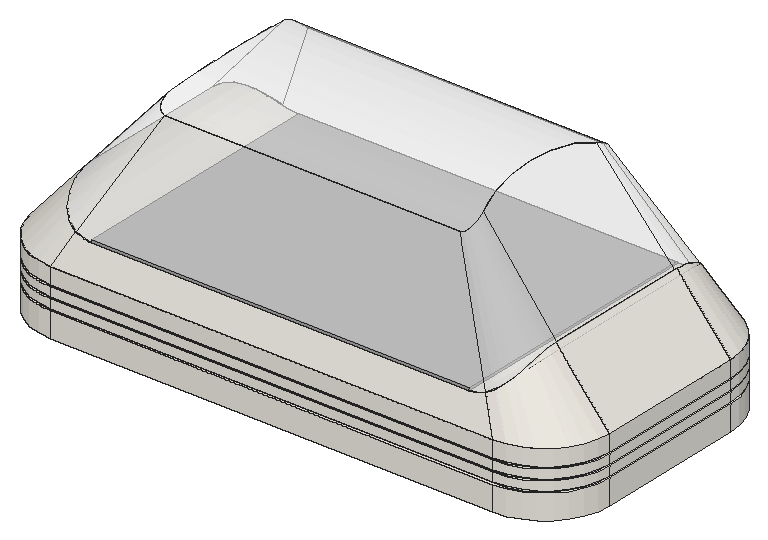
Revit family "Lightronics_LightingFixture_WallAndCeiling_TPS1", category Lighting Fixtures, host Face, Revit 2016
Family settings
  Host = Face
  Part Type = Normal
  Round Connector Dimension = Use Diameter
  OmniClass Number = 23.80.70.00
  OmniClass Title = Lighting
  Cut with Voids When Loaded = No
  Light Source = Yes
  Shared = No
  Room Calculation Point = No
Parameters (values of type "TPS")
  _DistributedBy = "www.bimstore.co.uk"
  _CurrentRevision = 1
  _CreatedBy = "www.bimstore.co.uk"
  _BimSpecGuid = 0
  _BSBibleVersion = 15
  _AuthorizedBy = "Kris Atkinson"
  _Author = "Ryan Wigham"
  Wattage = 9.2903 W
  WarrantyStartDate [instance] = "Please record on commissioning"
  WarrantyGuarantorParts = "info@lightronics.nl"
  WarrantyGuarantorLabor = "info@lightronics.nl"
  WarrantyDurationUnit = "Years"
  WarrantyDurationParts = "5"
  WarrantyDurationLabor = "n/a"
  WarrantyDescription = "n/a"
  built-in parameter 1150110 = 1 (stored number, unit not read)
  Voltage = 230 V
  URL = "https://www.lightronics.nl/en/"
  TypeName = "TPS"
  Type Comments = "Wall and ceiling lighting – Impactproof. Surface-mounted luminaire with a contemporary design"
  built-in parameter 1114217 = 1 (stored number, unit not read)
  Tilt Angle = 90.00°
  built-in parameter 1150109 = 1 (stored number, unit not read)
  built-in parameter 1150134 = 3
  built-in parameter 1150113 = 1 (stored number, unit not read)
  SpareParts = "n/a"
  Size = "130x105x265"
  Shape = "Rectangular"
  SerialNumber [instance] = "Please record on commissioning"
  ReplacementCost = ""
  ReferencedStandard = "n/a"
  ProductionYear = "2018"
  Photometric Web File = "TPS-MP4-16-3-180-D-F-280-230-X-W.ies"
  NumberOfPoles = 1
  NominalLength = Length  # 265 mm
  NominalHeight = Height  # 105 mm
  NominalDepth = Depth  # 130 mm
  NBSReference = "90-60-50/405"
  NBSOfficeMasterTag = "n/a"
  NBSObjectName = "Lightronics -  General purpose luminaires"
  NBSNote = ""
  NBSDescription = "Surface luminaires"
  ModelReference = "IP 65"
  ModelNumber = "TPS"
  Model = "TPS"
  Material_Lens [instance] = Lightronics - Polycarbonate - Lens - Opal
  Material_Housing [instance] = Lightronics - Polycarbonate - RAL 9010 - White
  Material = "Impact proof, flame-retardant, UV-stabilised polycarbonate"
  ManufacturerName = "Lightronics"
  Manufacturer = "Lightronics"
  built-in parameter 1150105 = 109.82 (stored number, unit not read)
  Lumens = 1380 lm
  built-in parameter 1150115 = 1 (stored number, unit not read)
  built-in parameter 1150137 = (empty or 0)
  built-in parameter 1150139 = (empty or 0)
  Length = 265 mm
  built-in parameter 1150112 = 1 (stored number, unit not read)
  built-in parameter 1150114 = 1 (stored number, unit not read)
  Keynote = "V90/510"
  InstallationDate [instance] = "Please record on commissioning"
  built-in parameter 1150132 = (empty or 0)
  built-in parameter 1150102 = (empty or 0)
  built-in parameter 1150107 = 3200 (stored number, unit not read)
  built-in parameter 1150138 = (empty or 0)
  built-in parameter 1150106 = 1.0982 (stored number, unit not read)
  IfcExportType = "IfcLightFixture"
  IfcExportAs = "IfcLightFixtureTypeEnum.POINTSOURCE"
  Height = 105 mm
  Grade = "n/a"
  Finish = "n/a"
  Features = "n/a"
  ExpectedLife = 10
  Emit from Line Length = 200 mm
  built-in parameter 1150104 = 13.8 (stored number, unit not read)
  DurationUnit = "20 Years"
  DocumentationTechnical = "n/a"
  DocumentationMaintenance = "n/a"
  DocumentationLiterature = "https://specifi.bimstore.co.uk/document/share/2439"
  DocumentationInstallationGuide = "n/a"
  DocumentationCertificates = "n/a"
  Dimming Lamp Color Temperature Shift = <None>
  Description = "The TPS trapezoidal surface-mounted luminaire with high light output in a contemporary design. The assembly- and maintenance-friendly TPS luminaire uses the same basic unit as the TPK and the WVK. allowing their spare parts to be seamlessly interchangeable. The TPS is suitable for both continuous and emergency lighting. The impactproof, flame-retardant cover provides safety and vandal-resistance."
  Depth = 130 mm
  Default Elevation = 1219.2 mm
  CreatedOn = "2018-03-06T09:00:00"
  CreatedBy = "info@lightronics.nl"
  Constituents = "n/a"
  Color Filter = 16777215
  Color = "Housing: impactproof, flame-retardent, UV-stabilised polycarbonate in white RAL 9010, black RAL 9005 or anthracite RAL7016. Cover: polycarbonate lens, clear prismatic, opal or frosted"
  CodePerformance = "n/a"
  ClassificationValue = "Pr_70_70_48_85"
  ClassificationName = "Uniclass 2015"
  BarCode [instance] = "Please record on commissioning"
  built-in parameter 1114218 = 1 (stored number, unit not read)
  BIMObjectName = "Lightronics_LightingFixture_WallAndCeiling_TPS"
  built-in parameter 1150133 = 10 (stored number, unit not read)
  AssetType = "Fixed"
  AssetIdentifier [instance] = "Please record on commissioning"
  Assembly Code = "D5020200"
  Apparent Load = 0 VA
  AccessibilityPerformance = "n/a"
Reference planes
  plane 1 "Center (Front/Back)": y = 0
  plane 2: z = 0
  plane 3 "Center (Left/Right)": x = 0
  plane 4: x = -132.5
  plane 5: x = 132.5
  plane 6: y = 65
  plane 7: y = -65
  plane 8: z = 105
  plane 9 "Lens Cover": z = 43
Forms (mm)
  Extrusion 1, solid, material "Lightronics - Polycarbonate - RAL 9010 - White" <- "Material_Housing"
    sketch origin (0, 0, 0) x (1, 0, 0) y (0, 1, 0)
      loop
        arc (-102.5, 65) -> (-123.713, 56.213) -> (-132.5, 35) r 30
        line (-132.5, 35) -> (-132.5, -35)
        arc (-132.5, -35) -> (-123.713, -56.213) -> (-102.5, -65) r 30
        line (-102.5, -65) -> (102.5, -65)
        arc (102.5, -65) -> (123.713, -56.213) -> (132.5, -35) r 30
        line (132.5, -35) -> (132.5, 35)
        arc (132.5, 35) -> (123.713, 56.213) -> (102.5, 65) r 30
        line (102.5, 65) -> (-102.5, 65)
    from 0 to 30
  Blend 2, solid, material "Lightronics - Polycarbonate - RAL 9010 - White" <- "Material_Housing"
    base sketch origin (0, 0, 0) x (1, 0, 0) y (0, 1, 0)
      loop
        arc (-102.5, 65) -> (-123.713, 56.213) -> (-132.5, 35) r 30
        line (-132.5, 35) -> (-132.5, -35)
        arc (-132.5, -35) -> (-123.713, -56.213) -> (-102.5, -65) r 30
        line (-102.5, -65) -> (102.5, -65)
        arc (102.5, -65) -> (123.713, -56.213) -> (132.5, -35) r 30
        line (132.5, -35) -> (132.5, 35)
        arc (132.5, 35) -> (123.713, 56.213) -> (102.5, 65) r 30
        line (102.5, 65) -> (-102.5, 65)
    top sketch origin (0, 0, 0) x (1, 0, 0) y (0, 1, 0)
      loop
        arc (-87.5, 55) -> (-101.642, 49.142) -> (-107.5, 35) r 20
        line (-107.5, 35) -> (-107.5, -35)
        arc (-107.5, -35) -> (-101.642, -49.142) -> (-87.5, -55) r 20
        line (-87.5, -55) -> (87.5, -55)
        arc (87.5, -55) -> (101.642, -49.142) -> (107.5, -35) r 20
        line (107.5, -35) -> (107.5, 35)
        arc (107.5, 35) -> (101.642, 49.142) -> (87.5, 55) r 20
        line (87.5, 55) -> (-87.5, 55)
    from 30 to 59
  Extrusion 3, void
    sketch origin (0, 0, 0) x (1, 0, 0) y (0, 0, 1)
      loop
        line (-87.5, 43) -> (87.5, 43)
        arc (87.5, 43) -> (100.067, 47.792) -> (107.5, 59) r 22.013
        line (107.5, 59) -> (107.5, 89) -> (-107.5, 89) -> (-107.5, 59)
        arc (-107.5, 59) -> (-100.067, 47.792) -> (-87.5, 43) r 22.013
    from -65 to 65
  Sweep 4, void
    path origin (0, 0, 15) x (-1, 0, 0) y (0, -1, 0)
      loop
        line (102.5, 65) -> (-102.5, 65)
        arc (-102.5, 65) -> (-123.713, 56.213) -> (-132.5, 35) r 30
        line (-132.5, 35) -> (-132.5, -35)
        arc (-132.5, -35) -> (-123.713, -56.213) -> (-102.5, -65) r 30
        line (-102.5, -65) -> (102.5, -65)
        arc (102.5, -65) -> (123.713, -56.213) -> (132.5, -35) r 30
        line (132.5, -35) -> (132.5, 35)
        arc (132.5, 35) -> (123.713, 56.213) -> (102.5, 65) r 30
    profile origin (0, -65, 15) x (0, 1, 0) y (0, 0, 1)
      loop
        line (1, 2.5) -> (-4, 2.5) -> (-4, 1.5) -> (1, 1.5) -> (1, 2.5)
      loop
        line (1, -2.5) -> (-4, -2.5) -> (-4, -3.5) -> (1, -3.5) -> (1, -2.5)
      loop
        line (1, 6.5) -> (1, 7.5) -> (-4, 7.5) -> (-4, 6.5) -> (1, 6.5)
  Extrusion 5, solid, material "Glass, White, High Luminance"
    sketch origin (0, 0, 0) x (0, 1, 0) y (0, 0, 1)
      loop
        line (60.268, 43) -> (59.904, 44) -> (-59.904, 44) -> (-60.268, 43) -> (60.268, 43)
    from -87.5 to 87.5
Cuts and joins
  Extrusion 3 cuts Blend 2
  Sweep 4 cuts Extrusion 1
Dimensions and locks
  equal spacing: plane 4, plane 3 "Center (Left/Right)", plane 5
  equal spacing: plane 7, plane 1 "Center (Front/Back)", plane 6
  "Length": plane 4 to plane 5
  "Depth": plane 6 to plane 7
  "Height": plane 8 to level
  aligned and locked: plane 2 to host face
  aligned and locked: level to host face
Automatic sketch dimensions
  host sketch curve to host sketch curve = 2438.4 mm  (x2)
  Extrusion 1 sketch curve to plane 4 = 0 mm
  Extrusion 1 sketch curve to plane 7 = 0 mm
  Extrusion 1 sketch curve to plane 6 = 0 mm
  Extrusion 1 sketch curve to plane 5 = 0 mm
  plane 4 to Extrusion 1 sketch curve = 30 mm  (x2)
  Extrusion 1 sketch curve to Extrusion 1 sketch curve = 30 mm
  Extrusion 1 sketch curve to plane 5 = 30 mm
  Blend 2 sketch curve to plane 4 = 0 mm
  Blend 2 sketch curve to plane 7 = 0 mm
  Blend 2 sketch curve to plane 6 = 0 mm
  Blend 2 sketch curve to plane 5 = 0 mm
  plane 4 to Blend 2 sketch curve = 30 mm  (x2)
  Blend 2 sketch curve to Blend 2 sketch curve = 30 mm
  Blend 2 sketch curve to plane 5 = 30 mm
  plane 7 to Blend 2 sketch curve = 10 mm
  plane 4 to Blend 2 sketch curve = 25 mm
  Blend 2 sketch curve to Blend 2 sketch curve = 20 mm  (x3)
  Blend 2 sketch curve to plane 5 = 45 mm  (x2)
  Blend 2 sketch curve to plane 6 = 10 mm
  Extrusion 3 sketch curve to plane 9 "Lens Cover" = 0 mm
  plane 4 to Extrusion 3 sketch curve = 25 mm
  Extrusion 3 sketch curve to Extrusion 3 sketch curve = 20 mm
  Extrusion 3 sketch curve to Extrusion 3 sketch curve = 21.185 mm  (x2)
  plane 9 "Lens Cover" to Extrusion 3 sketch curve = 21.981 mm
  Extrusion 3 sketch curve to plane 5 = 46.185 mm
  Extrusion 3 sketch curve to Extrusion 3 sketch curve = 1.185 mm
  Extrusion 3 sketch curve to plane 8 = 16 mm
  plane 9 "Lens Cover" to Extrusion 3 sketch curve = 16 mm
  Sweep 4 sketch curve to plane 7 = 0 mm
  Sweep 4 sketch curve to plane 4 = 0 mm
  plane 4 to Sweep 4 sketch curve = 30 mm
  Sweep 4 sketch curve to plane 5 = 30 mm  (x2)
  Sweep 4 sketch curve to plane 6 = 30 mm
  Sweep 4 sketch curve to plane 6 = 0 mm
  Sweep 4 sketch curve to plane 5 = 0 mm
  profile plane to Sweep 4 sketch curve = 4 mm  (x3)
  Sweep 4 sketch curve to profile plane = 1 mm  (x3)
  Sweep 4 sketch curve to Sweep 4 sketch curve = 4 mm  (x2)
  Sweep 4 sketch curve to Sweep 4 sketch curve = 1 mm  (x3)
  Sweep 4 sketch curve to profile plane = 3.5 mm
  Extrusion 5 sketch curve to plane 9 "Lens Cover" = 0 mm
  plane 7 to Extrusion 5 sketch curve = 4.732 mm
  Extrusion 5 sketch curve to plane 6 = 5.096 mm
  Extrusion 5 sketch curve to plane 6 = 4.732 mm
  plane 9 "Lens Cover" to Extrusion 5 sketch curve = 1 mm
  Extrusion 5 sketch curve to Extrusion 5 sketch curve = 0.364 mm
Nested families
  nested 1: "Lightronics_TPS_LensCover" at (0, 0, 0), type "Lightronics_TPS_LensCover"
Connectors
  electrical at (0, 0, 0), driven by "NumberOfPoles", driven by "Voltage", driven by "Apparent Load"
    settings: on cut or joined group of Extrusion 1, Sweep 4, index 1, voltage 230 V, apparent load 0 VA, apparent load phase1 0 VA, apparent load phase2 0 VA, apparent load phase3 0 VA, power factor 1, load classification "Lighting", number of poles 1, system type 31, power factor state 1, is connector primary yes, connector utility no, sub classification motor no, connector description ""
Definition of nested family "Lightronics_TPS_LensCover"
  Parameters (values of type "Lightronics_TPS_LensCover")
    Material_Lens = none
    Default Elevation = 1219.2 mm
  Reference planes
    plane 1 "Center (Front/Back)": y = 0
    plane 2: z = 0
    plane 3 "Center (Left/Right)": x = 0
    plane 4: x = -132.5
    plane 5: x = 132.5
    plane 6: y = 65
    plane 7: y = -65
    plane 8: z = 43
    plane 9: z = 105
    plane 10: through (-127.5, -4572, 30) normal (-0.7574, 0, 0.6529)
    plane 11: through (132.5, -4572, 30) normal (-0.7574, 0, -0.6529)
    plane 12: x = -67.845
    plane 13: x = 67.845
    plane 14: y = 37.702
    plane 15: y = -37.702
    plane 16: z = 99.2
  Forms (mm)
    Extrusion 1, solid
      sketch origin (0, 0, 0) x (1, 0, 0) y (0, 1, 0)
        loop
          line (-1219.2, 1219.2) -> (-1219.2, -1219.2) -> (1219.2, -1219.2) -> (1219.2, 1219.2) -> (-1219.2, 1219.2)
      from 0 to -304.8
    Blend 2, solid, material <- "Material_Lens"
      base sketch origin (0, 0, 0) x (1, 0, 0) y (0, 1, 0)
        loop
          arc (-102.5, 65) -> (-123.713, 56.213) -> (-132.5, 35) r 30
          line (-132.5, 35) -> (-132.5, -35)
          arc (-132.5, -35) -> (-123.713, -56.213) -> (-102.5, -65) r 30
          line (-102.5, -65) -> (102.5, -65)
          arc (102.5, -65) -> (123.713, -56.213) -> (132.5, -35) r 30
          line (132.5, -35) -> (132.5, 35)
          arc (132.5, 35) -> (123.713, 56.213) -> (102.5, 65) r 30
          line (102.5, 65) -> (-102.5, 65)
      top sketch origin (0, 0, 0) x (1, 0, 0) y (0, 1, 0)
        loop
          arc (-62.845, 37.702) -> (-66.38, 36.238) -> (-67.845, 32.702) r 5
          line (-67.845, 32.702) -> (-67.845, -32.702)
          arc (-67.845, -32.702) -> (-66.38, -36.238) -> (-62.845, -37.702) r 5
          line (-62.845, -37.702) -> (62.845, -37.702)
          arc (62.845, -37.702) -> (66.38, -36.238) -> (67.845, -32.702) r 5
          line (67.845, -32.702) -> (67.845, 32.702)
          arc (67.845, 32.702) -> (66.38, 36.238) -> (62.845, 37.702) r 5
          line (62.845, 37.702) -> (-62.845, 37.702)
      from 30 to 105
    Extrusion 3, void
      sketch origin (0, 0, 0) x (1, 0, 0) y (0, 0, 1)
        loop
          arc (-87.5, 43) -> (-100.067, 47.792) -> (-107.5, 59) r 22.013
          line (-107.5, 59) -> (-157.5, 59) -> (-157.5, 14) -> (157.5, 14) -> (157.5, 59) -> (107.5, 59)
          arc (107.5, 59) -> (100.067, 47.792) -> (87.5, 43) r 22.013
          line (87.5, 43) -> (-87.5, 43)
      from -71.444 to 70
    Extrusion 4, void
      sketch origin (0, 0, 0) x (0, 1, 0) y (0, 0, 1)
        loop
          line (42.887, 90.755) -> (57.887, 90.755) -> (57.887, 125.755) -> (-57.887, 125.755) -> (-57.887, 90.755) -> (-42.887, 90.755)
          spline (-42.887, 90.755) -> (-41.426, 94.442) -> (-37.141, 97.877) -> (-30.326, 100.828) -> (-21.444, 103.092) -> (-11.1, 104.515) -> (0, 105) -> (11.1, 104.515) -> (21.444, 103.092) -> (30.326, 100.828) -> (37.141, 97.877) -> (41.426, 94.442) -> (42.887, 90.755)
      from -87.5 to 88.433
  Cuts and joins
    Extrusion 3, Extrusion 4 cuts Blend 2
  Dimensions and locks
    plane 4 to plane 5 = 265 mm
    plane 7 to plane 6 = 130 mm
    equal spacing: plane 4, plane 3 "Center (Left/Right)", plane 5
    equal spacing: plane 7, plane 1 "Center (Front/Back)", plane 6
    aligned and locked: plane 2 to Extrusion 1
    aligned and locked: level to Extrusion 1
  Automatic sketch dimensions
    Extrusion 1 sketch curve to Extrusion 1 sketch curve = 2438.4 mm  (x2)
    Blend 2 sketch curve to plane 4 = 0 mm
    Blend 2 sketch curve to plane 7 = 0 mm
    Blend 2 sketch curve to plane 6 = 0 mm
    Blend 2 sketch curve to plane 5 = 0 mm
    plane 4 to Blend 2 sketch curve = 30 mm  (x2)
    Blend 2 sketch curve to plane 5 = 30 mm  (x2)
    plane 4 to Blend 2 sketch curve = 64.655 mm
    Blend 2 sketch curve to Blend 2 sketch curve = 5 mm  (x3)
    Blend 2 sketch curve to plane 5 = 69.655 mm  (x2)
    Blend 2 sketch curve to plane 6 = 27.298 mm
    plane 7 to Blend 2 sketch curve = 32.298 mm
    plane 10 to Extrusion 3 sketch curve = 3.787 mm
    Extrusion 3 sketch curve to plane 8 = 0 mm
    Extrusion 3 sketch curve to plane 4 = 25 mm
    plane 8 to Extrusion 3 sketch curve = 21.981 mm  (x2)
    Extrusion 3 sketch curve to plane 5 = 46.185 mm
    Extrusion 3 sketch curve to Extrusion 3 sketch curve = 1.185 mm
    plane 5 to Extrusion 3 sketch curve = 25 mm
    level to Extrusion 3 sketch curve = 14 mm
    plane 8 to Extrusion 3 sketch curve = 16 mm
    plane 11 to Extrusion 3 sketch curve = 0 mm
    Extrusion 3 sketch curve to Extrusion 3 sketch curve = 20 mm
    Extrusion 4 sketch curve to plane 1 "Center (Front/Back)" = 0 mm
    Extrusion 4 sketch curve to plane 15 = 5.185 mm
    plane 7 to Extrusion 4 sketch curve = 7.113 mm
    Extrusion 4 sketch curve to plane 6 = 7.113 mm
    Extrusion 4 sketch curve to plane 9 = 14.245 mm
    plane 9 to Extrusion 4 sketch curve = 20.755 mm
